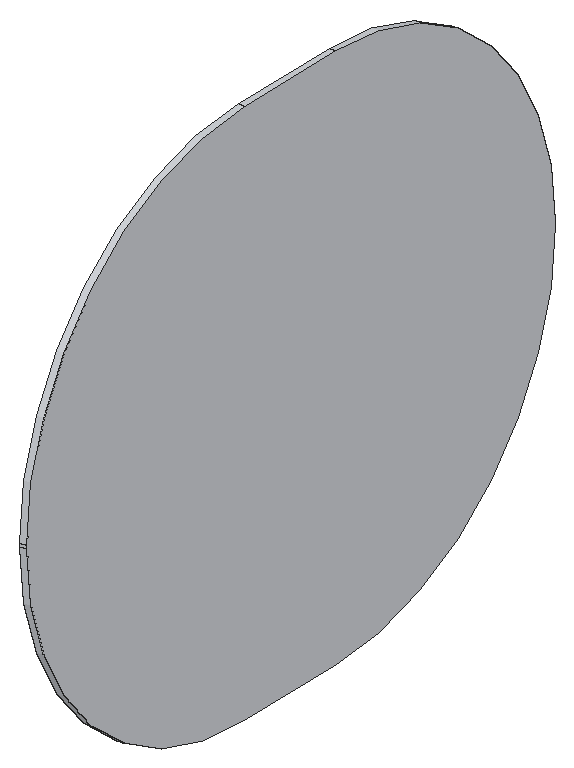
Revit family "M_União oval", category Conexões de duto, Revit 2019
Family settings
  Cota do conector redondo = Utilizar diâmetro
  Tipo de parte = União
  Número OmniClass = 23.75.70.14
  Título OmniClass = Air Ductwork
  ID de item do Seek = Oval Union-0000-CAN-ENU
  Com base no plano de trabalho = Não
  Sempre na vertical = Sim
  Corte com vazios quando carregada = Não
  Compartilhado = Não
Parameters (values of type "Padrão")
  Largura do duto [instance] = 600 mm
  Comprimento do duto [instance] = if(Altura do duto > 575 mm, 16 mm, 6 mm)  # 6 mm
  Altura do duto [instance] = 500 mm
Reference planes
  plane 1 "Centro (Frente/Trás)": y = 0
  plane 2: z = 0
  plane 3 "Centro (Esquerda/Direita)": x = 0
  plane 4: x = 6
Forms (mm)
  Sweep 1, solid, detail levels medium+fine
    path in 3D
      loop
        line (0, 0, 0) -> (6, 0, 0)
    profile "M_Duto - Oval : Duto - Oval" origin (3, 0, 0) x (0, 1, 0) y (0, 0, 1)
      loop
        line (-300, 1.587) -> (-300, -1.587)
        arc (-300, -1.587) -> (-227.242, -177.242) -> (-51.587, -250) r 248.412
        line (-51.587, -250) -> (51.588, -250)
        arc (51.588, -250) -> (227.242, -177.242) -> (300, -1.587) r 248.412
        line (300, -1.587) -> (300, 1.587)
        arc (300, 1.587) -> (227.242, 177.242) -> (51.588, 250) r 248.412
        line (51.588, 250) -> (-51.588, 250)
        arc (-51.588, 250) -> (-227.242, 177.242) -> (-300, 1.587) r 248.412
Lines and regions (mm)
  model lines, detail levels coarse
    curve 1: line (0, 0, 0) -> (6, 0, 0)
  sketch lines
    curve 2: line (0, 0, 0) -> (6, 0, 0)
Dimensions and locks
  "Comprimento do duto": plane 3 "Centro (Esquerda/Direita)" to plane 4
  aligned and locked: plane 1 "Centro (Frente/Trás)" to curve 1
  aligned and locked: plane 3 "Centro (Esquerda/Direita)" to curve 1
Automatic sketch dimensions
  curve 1 to plane 4 = 0 mm
Connectors
  hvac at (0, 0, 0), driven by "Altura do duto", driven by "Largura do duto"
    settings: on Sweep 1, index 1, duct flow 0.0 L/s, flow factor 0, pres drop 0.0 Pa, loss coef 0, conn angle 0.00°, conn width 600 mm, conn height 500 mm, conn diameter 609.6 mm, duct sys type 28, conn prof type 2, flow config 0, flow direction 0, loss method 0, conn ref index 2, conn util no, is conn primary yes, conn desc ""
  hvac at (6, 0, 0), driven by "Altura do duto", driven by "Largura do duto"
    settings: on Sweep 1, index 2, duct flow 0.0 L/s, flow factor 0, pres drop 0.0 Pa, loss coef 0, conn angle 0.00°, conn width 600 mm, conn height 500 mm, conn diameter 609.6 mm, duct sys type 28, conn prof type 2, flow config 0, flow direction 0, loss method 0, conn ref index 1, conn util no, is conn primary no, conn desc ""
